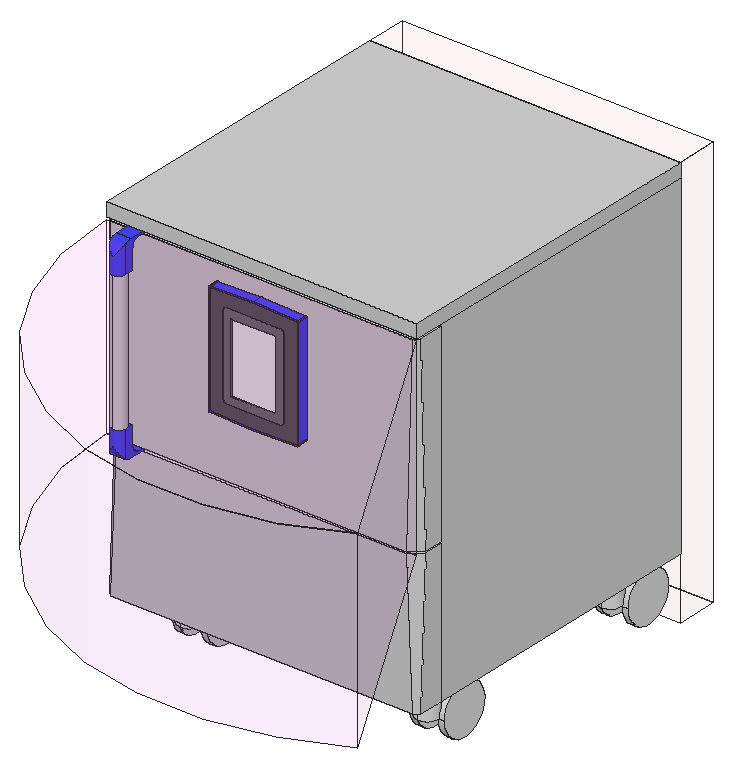
Revit family "Normann_Nortech_NAT5A-R290", category Attrezzature speciali, Revit 2021 (continued)
Definition of nested family "Griglia_Plus"
  Lines and regions (mm)
    model lines, detail levels medium+fine
      curve 1168: line (358.953, -254.362, 0) -> (372.866, -262.395, 0)
      curve 1169: line (358.953, -254.362, 0) -> (358.953, -270.428, 0)
      curve 1170: line (358.953, -270.428, 0) -> (372.866, -262.395, 0)
      curve 1171: line (360.936, -133.703, 0) -> (374.849, -125.67, 0)
      curve 1172: line (360.936, -133.703, 0) -> (374.849, -141.736, 0)
      curve 1173: line (374.849, -141.736, 0) -> (374.849, -125.67, 0)
      curve 1174: line (392.781, -133.703, 0) -> (378.867, -125.67, 0)
      curve 1175: line (392.781, -133.703, 0) -> (378.867, -141.736, 0)
      curve 1176: line (378.867, -141.736, 0) -> (378.867, -125.67, 0)
      curve 1177: line (360.936, -110.699, 0) -> (374.849, -118.731, 0)
      curve 1178: line (360.936, -110.699, 0) -> (374.849, -102.666, 0)
      curve 1179: line (374.849, -102.666, 0) -> (374.849, -118.731, 0)
      curve 1180: line (392.781, -110.699, 0) -> (378.867, -118.731, 0)
      curve 1181: line (392.781, -110.699, 0) -> (378.867, -102.666, 0)
      curve 1182: line (378.867, -102.666, 0) -> (378.867, -118.731, 0)
      curve 1183: line (394.797, -130.438, 0) -> (380.884, -122.405, 0)
      curve 1184: line (394.797, -130.438, 0) -> (394.797, -114.373, 0)
      curve 1185: line (394.797, -114.373, 0) -> (380.884, -122.405, 0)
      curve 1186: line (358.953, -114.362, 0) -> (372.866, -122.395, 0)
      curve 1187: line (358.953, -114.362, 0) -> (358.953, -130.428, 0)
      curve 1188: line (358.953, -130.428, 0) -> (372.866, -122.395, 0)
      curve 1189: line (394.797, -136.968, 0) -> (380.884, -145, 0)
      curve 1190: line (394.797, -136.968, 0) -> (394.797, -153.033, 0)
      curve 1191: line (394.797, -153.033, 0) -> (380.884, -145, 0)
      curve 1192: line (358.953, -153.043, 0) -> (372.866, -145.011, 0)
      curve 1193: line (358.953, -153.043, 0) -> (358.953, -136.978, 0)
      curve 1194: line (358.953, -136.978, 0) -> (372.866, -145.011, 0)
      curve 1195: line (360.936, -89.941, 0) -> (374.849, -81.909, 0)
      curve 1196: line (360.936, -89.941, 0) -> (374.849, -97.974, 0)
      curve 1197: line (374.849, -97.974, 0) -> (374.849, -81.909, 0)
      curve 1198: line (392.781, -89.941, 0) -> (378.867, -81.909, 0)
      curve 1199: line (392.781, -89.941, 0) -> (378.867, -97.974, 0)
      curve 1200: line (378.867, -97.974, 0) -> (378.867, -81.909, 0)
      curve 1201: line (360.936, -66.937, 0) -> (374.849, -74.97, 0)
      curve 1202: line (360.936, -66.937, 0) -> (374.849, -58.904, 0)
      curve 1203: line (374.849, -58.904, 0) -> (374.849, -74.97, 0)
      curve 1204: line (392.781, -66.937, 0) -> (378.867, -74.97, 0)
      curve 1205: line (392.781, -66.937, 0) -> (378.867, -58.904, 0)
      curve 1206: line (378.867, -58.904, 0) -> (378.867, -74.97, 0)
      curve 1207: line (394.797, -86.677, 0) -> (380.884, -78.644, 0)
      curve 1208: line (394.797, -86.677, 0) -> (394.797, -70.611, 0)
      curve 1209: line (394.797, -70.611, 0) -> (380.884, -78.644, 0)
      curve 1210: line (358.953, -70.601, 0) -> (372.866, -78.633, 0)
      curve 1211: line (358.953, -70.601, 0) -> (358.953, -86.666, 0)
      curve 1212: line (358.953, -86.666, 0) -> (372.866, -78.633, 0)
      curve 1213: line (394.797, -93.206, 0) -> (380.884, -101.239, 0)
      curve 1214: line (394.797, -93.206, 0) -> (394.797, -109.272, 0)
      curve 1215: line (394.797, -109.272, 0) -> (380.884, -101.239, 0)
      curve 1216: line (358.953, -109.282, 0) -> (372.866, -101.249, 0)
      curve 1217: line (358.953, -109.282, 0) -> (358.953, -93.217, 0)
      curve 1218: line (358.953, -93.217, 0) -> (372.866, -101.249, 0)
      curve 1219: line (360.936, -43.691, 0) -> (374.849, -35.659, 0)
      curve 1220: line (360.936, -43.691, 0) -> (374.849, -51.724, 0)
      curve 1221: line (374.849, -51.724, 0) -> (374.849, -35.659, 0)
      curve 1222: line (392.781, -43.691, 0) -> (378.867, -35.659, 0)
      curve 1223: line (392.781, -43.691, 0) -> (378.867, -51.724, 0)
      curve 1224: line (378.867, -51.724, 0) -> (378.867, -35.659, 0)
      curve 1225: line (360.936, -20.687, 0) -> (374.849, -28.72, 0)
      curve 1226: line (360.936, -20.687, 0) -> (374.849, -12.654, 0)
      curve 1227: line (374.849, -12.654, 0) -> (374.849, -28.72, 0)
      curve 1228: line (392.781, -20.687, 0) -> (378.867, -28.72, 0)
      curve 1229: line (392.781, -20.687, 0) -> (378.867, -12.654, 0)
      curve 1230: line (378.867, -12.654, 0) -> (378.867, -28.72, 0)
      curve 1231: line (394.797, -40.427, 0) -> (380.884, -32.394, 0)
      curve 1232: line (394.797, -40.427, 0) -> (394.797, -24.361, 0)
      curve 1233: line (394.797, -24.361, 0) -> (380.884, -32.394, 0)
      curve 1234: line (358.953, -24.351, 0) -> (372.866, -32.383, 0)
      curve 1235: line (358.953, -24.351, 0) -> (358.953, -40.416, 0)
      curve 1236: line (358.953, -40.416, 0) -> (372.866, -32.383, 0)
      curve 1237: line (394.797, -46.956, 0) -> (380.884, -54.989, 0)
      curve 1238: line (394.797, -46.956, 0) -> (394.797, -63.022, 0)
      curve 1239: line (394.797, -63.022, 0) -> (380.884, -54.989, 0)
      curve 1240: line (358.953, -63.032, 0) -> (372.866, -54.999, 0)
      curve 1241: line (358.953, -63.032, 0) -> (358.953, -46.967, 0)
      curve 1242: line (358.953, -46.967, 0) -> (372.866, -54.999, 0)
      curve 1243: line (400.936, -180.917, 0) -> (414.849, -172.885, 0)
      curve 1244: line (400.936, -180.917, 0) -> (414.849, -188.95, 0)
      curve 1245: line (414.849, -188.95, 0) -> (414.849, -172.885, 0)
      curve 1246: line (432.781, -180.917, 0) -> (418.867, -172.885, 0)
      curve 1247: line (432.781, -180.917, 0) -> (418.867, -188.95, 0)
      curve 1248: line (418.867, -188.95, 0) -> (418.867, -172.885, 0)
      curve 1249: line (400.936, -157.913, 0) -> (414.849, -165.946, 0)
      curve 1250: line (400.936, -157.913, 0) -> (414.849, -149.88, 0)
      curve 1251: line (414.849, -149.88, 0) -> (414.849, -165.946, 0)
      curve 1252: line (432.781, -157.913, 0) -> (418.867, -165.946, 0)
      curve 1253: line (432.781, -157.913, 0) -> (418.867, -149.88, 0)
      curve 1254: line (418.867, -149.88, 0) -> (418.867, -165.946, 0)
      curve 1255: line (434.797, -177.653, 0) -> (420.884, -169.62, 0)
      curve 1256: line (434.797, -177.653, 0) -> (434.797, -161.587, 0)
      curve 1257: line (434.797, -161.587, 0) -> (420.884, -169.62, 0)
      curve 1258: line (398.953, -161.577, 0) -> (412.866, -169.609, 0)
      curve 1259: line (398.953, -161.577, 0) -> (398.953, -177.642, 0)
      curve 1260: line (398.953, -177.642, 0) -> (412.866, -169.609, 0)
      curve 1261: line (434.797, -184.182, 0) -> (420.884, -192.215, 0)
      curve 1262: line (434.797, -184.182, 0) -> (434.797, -200.248, 0)
      curve 1263: line (434.797, -200.248, 0) -> (420.884, -192.215, 0)
      curve 1264: line (398.953, -200.258, 0) -> (412.866, -192.225, 0)
      curve 1265: line (398.953, -200.258, 0) -> (398.953, -184.192, 0)
      curve 1266: line (398.953, -184.192, 0) -> (412.866, -192.225, 0)
      curve 1267: line (400.936, -227.884, 0) -> (414.849, -219.851, 0)
      curve 1268: line (400.936, -227.884, 0) -> (414.849, -235.917, 0)
      curve 1269: line (414.849, -235.917, 0) -> (414.849, -219.851, 0)
      curve 1270: line (432.781, -227.884, 0) -> (418.867, -219.851, 0)
      curve 1271: line (432.781, -227.884, 0) -> (418.867, -235.917, 0)
      curve 1272: line (418.867, -235.917, 0) -> (418.867, -219.851, 0)
      curve 1273: line (400.936, -204.88, 0) -> (414.849, -212.912, 0)
      curve 1274: line (400.936, -204.88, 0) -> (414.849, -196.847, 0)
      curve 1275: line (414.849, -196.847, 0) -> (414.849, -212.912, 0)
      curve 1276: line (432.781, -204.88, 0) -> (418.867, -212.912, 0)
      curve 1277: line (432.781, -204.88, 0) -> (418.867, -196.847, 0)
      curve 1278: line (418.867, -196.847, 0) -> (418.867, -212.912, 0)
      curve 1279: line (434.797, -224.619, 0) -> (420.884, -216.587, 0)
      curve 1280: line (434.797, -224.619, 0) -> (434.797, -208.554, 0)
      curve 1281: line (434.797, -208.554, 0) -> (420.884, -216.587, 0)
      curve 1282: line (398.953, -208.543, 0) -> (412.866, -216.576, 0)
      curve 1283: line (398.953, -208.543, 0) -> (398.953, -224.609, 0)
      curve 1284: line (398.953, -224.609, 0) -> (412.866, -216.576, 0)
      curve 1285: line (434.797, -231.149, 0) -> (420.884, -239.181, 0)
      curve 1286: line (434.797, -231.149, 0) -> (434.797, -247.214, 0)
      curve 1287: line (434.797, -247.214, 0) -> (420.884, -239.181, 0)
      curve 1288: line (398.953, -247.225, 0) -> (412.866, -239.192, 0)
      curve 1289: line (398.953, -247.225, 0) -> (398.953, -231.159, 0)
      curve 1290: line (398.953, -231.159, 0) -> (412.866, -239.192, 0)
      curve 1291: line (400.936, -273.703, 0) -> (414.849, -265.67, 0)
      curve 1292: line (400.936, -273.703, 0) -> (414.849, -281.736, 0)
      curve 1293: line (414.849, -281.736, 0) -> (414.849, -265.67, 0)
      curve 1294: line (432.781, -273.703, 0) -> (418.867, -265.67, 0)
      curve 1295: line (432.781, -273.703, 0) -> (418.867, -281.736, 0)
      curve 1296: line (418.867, -281.736, 0) -> (418.867, -265.67, 0)
      curve 1297: line (400.936, -250.699, 0) -> (414.849, -258.731, 0)
      curve 1298: line (400.936, -250.699, 0) -> (414.849, -242.666, 0)
      curve 1299: line (414.849, -242.666, 0) -> (414.849, -258.731, 0)
      curve 1300: line (432.781, -250.699, 0) -> (418.867, -258.731, 0)
      curve 1301: line (432.781, -250.699, 0) -> (418.867, -242.666, 0)
      curve 1302: line (418.867, -242.666, 0) -> (418.867, -258.731, 0)
      curve 1303: line (434.797, -270.438, 0) -> (420.884, -262.405, 0)
      curve 1304: line (434.797, -270.438, 0) -> (434.797, -254.373, 0)
      curve 1305: line (434.797, -254.373, 0) -> (420.884, -262.405, 0)
      curve 1306: line (398.953, -254.362, 0) -> (412.866, -262.395, 0)
      curve 1307: line (398.953, -254.362, 0) -> (398.953, -270.428, 0)
      curve 1308: line (398.953, -270.428, 0) -> (412.866, -262.395, 0)
      curve 1309: line (400.936, -133.703, 0) -> (414.849, -125.67, 0)
      curve 1310: line (400.936, -133.703, 0) -> (414.849, -141.736, 0)
      curve 1311: line (414.849, -141.736, 0) -> (414.849, -125.67, 0)
      curve 1312: line (432.781, -133.703, 0) -> (418.867, -125.67, 0)
      curve 1313: line (432.781, -133.703, 0) -> (418.867, -141.736, 0)
      curve 1314: line (418.867, -141.736, 0) -> (418.867, -125.67, 0)
      curve 1315: line (400.936, -110.699, 0) -> (414.849, -118.731, 0)
      curve 1316: line (400.936, -110.699, 0) -> (414.849, -102.666, 0)
      curve 1317: line (414.849, -102.666, 0) -> (414.849, -118.731, 0)
      curve 1318: line (432.781, -110.699, 0) -> (418.867, -118.731, 0)
      curve 1319: line (432.781, -110.699, 0) -> (418.867, -102.666, 0)
      curve 1320: line (418.867, -102.666, 0) -> (418.867, -118.731, 0)
      curve 1321: line (434.797, -130.438, 0) -> (420.884, -122.405, 0)
      curve 1322: line (434.797, -130.438, 0) -> (434.797, -114.373, 0)
      curve 1323: line (434.797, -114.373, 0) -> (420.884, -122.405, 0)
      curve 1324: line (398.953, -114.362, 0) -> (412.866, -122.395, 0)
      curve 1325: line (398.953, -114.362, 0) -> (398.953, -130.428, 0)
      curve 1326: line (398.953, -130.428, 0) -> (412.866, -122.395, 0)
      curve 1327: line (434.797, -136.968, 0) -> (420.884, -145, 0)
      curve 1328: line (434.797, -136.968, 0) -> (434.797, -153.033, 0)
      curve 1329: line (434.797, -153.033, 0) -> (420.884, -145, 0)
      curve 1330: line (398.953, -153.043, 0) -> (412.866, -145.011, 0)
      curve 1331: line (398.953, -153.043, 0) -> (398.953, -136.978, 0)
      curve 1332: line (398.953, -136.978, 0) -> (412.866, -145.011, 0)
      curve 1333: line (400.936, -89.941, 0) -> (414.849, -81.909, 0)
      curve 1334: line (400.936, -89.941, 0) -> (414.849, -97.974, 0)
      curve 1335: line (414.849, -97.974, 0) -> (414.849, -81.909, 0)
      curve 1336: line (432.781, -89.941, 0) -> (418.867, -81.909, 0)
      curve 1337: line (432.781, -89.941, 0) -> (418.867, -97.974, 0)
      curve 1338: line (418.867, -97.974, 0) -> (418.867, -81.909, 0)
      curve 1339: line (400.936, -66.937, 0) -> (414.849, -74.97, 0)
      curve 1340: line (400.936, -66.937, 0) -> (414.849, -58.904, 0)
      curve 1341: line (414.849, -58.904, 0) -> (414.849, -74.97, 0)
      curve 1342: line (432.781, -66.937, 0) -> (418.867, -74.97, 0)
      curve 1343: line (432.781, -66.937, 0) -> (418.867, -58.904, 0)
      curve 1344: line (418.867, -58.904, 0) -> (418.867, -74.97, 0)
      curve 1345: line (434.797, -86.677, 0) -> (420.884, -78.644, 0)
      curve 1346: line (434.797, -86.677, 0) -> (434.797, -70.611, 0)
      curve 1347: line (434.797, -70.611, 0) -> (420.884, -78.644, 0)
      curve 1348: line (398.953, -70.601, 0) -> (412.866, -78.633, 0)
      curve 1349: line (398.953, -70.601, 0) -> (398.953, -86.666, 0)
      curve 1350: line (398.953, -86.666, 0) -> (412.866, -78.633, 0)
      curve 1351: line (434.797, -93.206, 0) -> (420.884, -101.239, 0)
      curve 1352: line (434.797, -93.206, 0) -> (434.797, -109.272, 0)
      curve 1353: line (434.797, -109.272, 0) -> (420.884, -101.239, 0)
      curve 1354: line (398.953, -109.282, 0) -> (412.866, -101.249, 0)
      curve 1355: line (398.953, -109.282, 0) -> (398.953, -93.217, 0)
      curve 1356: line (398.953, -93.217, 0) -> (412.866, -101.249, 0)
      curve 1357: line (400.936, -43.691, 0) -> (414.849, -35.659, 0)
      curve 1358: line (400.936, -43.691, 0) -> (414.849, -51.724, 0)
      curve 1359: line (414.849, -51.724, 0) -> (414.849, -35.659, 0)
      curve 1360: line (432.781, -43.691, 0) -> (418.867, -35.659, 0)
      curve 1361: line (432.781, -43.691, 0) -> (418.867, -51.724, 0)
      curve 1362: line (418.867, -51.724, 0) -> (418.867, -35.659, 0)
      curve 1363: line (400.936, -20.687, 0) -> (414.849, -28.72, 0)
      curve 1364: line (400.936, -20.687, 0) -> (414.849, -12.654, 0)
      curve 1365: line (414.849, -12.654, 0) -> (414.849, -28.72, 0)
      curve 1366: line (432.781, -20.687, 0) -> (418.867, -28.72, 0)
      curve 1367: line (432.781, -20.687, 0) -> (418.867, -12.654, 0)
      curve 1368: line (418.867, -12.654, 0) -> (418.867, -28.72, 0)
      curve 1369: line (434.797, -40.427, 0) -> (420.884, -32.394, 0)
      curve 1370: line (434.797, -40.427, 0) -> (434.797, -24.361, 0)
      curve 1371: line (434.797, -24.361, 0) -> (420.884, -32.394, 0)
      curve 1372: line (398.953, -24.351, 0) -> (412.866, -32.383, 0)
      curve 1373: line (398.953, -24.351, 0) -> (398.953, -40.416, 0)
      curve 1374: line (398.953, -40.416, 0) -> (412.866, -32.383, 0)
      curve 1375: line (434.797, -46.956, 0) -> (420.884, -54.989, 0)
      curve 1376: line (434.797, -46.956, 0) -> (434.797, -63.022, 0)
      curve 1377: line (434.797, -63.022, 0) -> (420.884, -54.989, 0)
      curve 1378: line (398.953, -63.032, 0) -> (412.866, -54.999, 0)
      curve 1379: line (398.953, -63.032, 0) -> (398.953, -46.967, 0)
      curve 1380: line (398.953, -46.967, 0) -> (412.866, -54.999, 0)
      curve 1381: line (440.936, -180.917, 0) -> (454.849, -172.885, 0)
      curve 1382: line (440.936, -180.917, 0) -> (454.849, -188.95, 0)
      curve 1383: line (454.849, -188.95, 0) -> (454.849, -172.885, 0)
      curve 1384: line (472.781, -180.917, 0) -> (458.867, -172.885, 0)
      curve 1385: line (472.781, -180.917, 0) -> (458.867, -188.95, 0)
      curve 1386: line (458.867, -188.95, 0) -> (458.867, -172.885, 0)
      curve 1387: line (440.936, -157.913, 0) -> (454.849, -165.946, 0)
      curve 1388: line (440.936, -157.913, 0) -> (454.849, -149.88, 0)
      curve 1389: line (454.849, -149.88, 0) -> (454.849, -165.946, 0)
      curve 1390: line (472.781, -157.913, 0) -> (458.867, -165.946, 0)
      curve 1391: line (472.781, -157.913, 0) -> (458.867, -149.88, 0)
      curve 1392: line (458.867, -149.88, 0) -> (458.867, -165.946, 0)
      curve 1393: line (474.797, -177.653, 0) -> (460.884, -169.62, 0)
      curve 1394: line (474.797, -177.653, 0) -> (474.797, -161.587, 0)
      curve 1395: line (474.797, -161.587, 0) -> (460.884, -169.62, 0)
      curve 1396: line (438.953, -161.577, 0) -> (452.866, -169.609, 0)
      curve 1397: line (438.953, -161.577, 0) -> (438.953, -177.642, 0)
      curve 1398: line (438.953, -177.642, 0) -> (452.866, -169.609, 0)
      curve 1399: line (474.797, -184.182, 0) -> (460.884, -192.215, 0)
      curve 1400: line (474.797, -184.182, 0) -> (474.797, -200.248, 0)
      curve 1401: line (474.797, -200.248, 0) -> (460.884, -192.215, 0)
      curve 1402: line (438.953, -200.258, 0) -> (452.866, -192.225, 0)
      curve 1403: line (438.953, -200.258, 0) -> (438.953, -184.192, 0)
      curve 1404: line (438.953, -184.192, 0) -> (452.866, -192.225, 0)
      curve 1405: line (440.936, -227.884, 0) -> (454.849, -219.851, 0)
      curve 1406: line (440.936, -227.884, 0) -> (454.849, -235.917, 0)
      curve 1407: line (454.849, -235.917, 0) -> (454.849, -219.851, 0)
      curve 1408: line (472.781, -227.884, 0) -> (458.867, -219.851, 0)
      curve 1409: line (472.781, -227.884, 0) -> (458.867, -235.917, 0)
      curve 1410: line (458.867, -235.917, 0) -> (458.867, -219.851, 0)
      curve 1411: line (440.936, -204.88, 0) -> (454.849, -212.912, 0)
      curve 1412: line (440.936, -204.88, 0) -> (454.849, -196.847, 0)
      curve 1413: line (454.849, -196.847, 0) -> (454.849, -212.912, 0)
      curve 1414: line (472.781, -204.88, 0) -> (458.867, -212.912, 0)
      curve 1415: line (472.781, -204.88, 0) -> (458.867, -196.847, 0)
      curve 1416: line (458.867, -196.847, 0) -> (458.867, -212.912, 0)
      curve 1417: line (474.797, -224.619, 0) -> (460.884, -216.587, 0)
      curve 1418: line (474.797, -224.619, 0) -> (474.797, -208.554, 0)
      curve 1419: line (474.797, -208.554, 0) -> (460.884, -216.587, 0)
      curve 1420: line (438.953, -208.543, 0) -> (452.866, -216.576, 0)
      curve 1421: line (438.953, -208.543, 0) -> (438.953, -224.609, 0)
      curve 1422: line (438.953, -224.609, 0) -> (452.866, -216.576, 0)
      curve 1423: line (474.797, -231.149, 0) -> (460.884, -239.181, 0)
      curve 1424: line (474.797, -231.149, 0) -> (474.797, -247.214, 0)
      curve 1425: line (474.797, -247.214, 0) -> (460.884, -239.181, 0)
      curve 1426: line (438.953, -247.225, 0) -> (452.866, -239.192, 0)
      curve 1427: line (438.953, -247.225, 0) -> (438.953, -231.159, 0)
      curve 1428: line (438.953, -231.159, 0) -> (452.866, -239.192, 0)
      curve 1429: line (440.936, -273.703, 0) -> (454.849, -265.67, 0)
      curve 1430: line (440.936, -273.703, 0) -> (454.849, -281.736, 0)
      curve 1431: line (454.849, -281.736, 0) -> (454.849, -265.67, 0)
      curve 1432: line (472.781, -273.703, 0) -> (458.867, -265.67, 0)
      curve 1433: line (472.781, -273.703, 0) -> (458.867, -281.736, 0)
      curve 1434: line (458.867, -281.736, 0) -> (458.867, -265.67, 0)
      curve 1435: line (440.936, -250.699, 0) -> (454.849, -258.731, 0)
      curve 1436: line (440.936, -250.699, 0) -> (454.849, -242.666, 0)
      curve 1437: line (454.849, -242.666, 0) -> (454.849, -258.731, 0)
      curve 1438: line (472.781, -250.699, 0) -> (458.867, -258.731, 0)
      curve 1439: line (472.781, -250.699, 0) -> (458.867, -242.666, 0)
      curve 1440: line (458.867, -242.666, 0) -> (458.867, -258.731, 0)
      curve 1441: line (474.797, -270.438, 0) -> (460.884, -262.405, 0)
      curve 1442: line (474.797, -270.438, 0) -> (474.797, -254.373, 0)
      curve 1443: line (474.797, -254.373, 0) -> (460.884, -262.405, 0)
      curve 1444: line (438.953, -254.362, 0) -> (452.866, -262.395, 0)
      curve 1445: line (438.953, -254.362, 0) -> (438.953, -270.428, 0)
      curve 1446: line (438.953, -270.428, 0) -> (452.866, -262.395, 0)
      curve 1447: line (440.936, -133.703, 0) -> (454.849, -125.67, 0)
      curve 1448: line (440.936, -133.703, 0) -> (454.849, -141.736, 0)
      curve 1449: line (454.849, -141.736, 0) -> (454.849, -125.67, 0)
      curve 1450: line (472.781, -133.703, 0) -> (458.867, -125.67, 0)
      curve 1451: line (472.781, -133.703, 0) -> (458.867, -141.736, 0)
      curve 1452: line (458.867, -141.736, 0) -> (458.867, -125.67, 0)
      curve 1453: line (440.936, -110.699, 0) -> (454.849, -118.731, 0)
      curve 1454: line (440.936, -110.699, 0) -> (454.849, -102.666, 0)
      curve 1455: line (454.849, -102.666, 0) -> (454.849, -118.731, 0)
      curve 1456: line (472.781, -110.699, 0) -> (458.867, -118.731, 0)
      curve 1457: line (472.781, -110.699, 0) -> (458.867, -102.666, 0)
      curve 1458: line (458.867, -102.666, 0) -> (458.867, -118.731, 0)
      curve 1459: line (474.797, -130.438, 0) -> (460.884, -122.405, 0)
      curve 1460: line (474.797, -130.438, 0) -> (474.797, -114.373, 0)
      curve 1461: line (474.797, -114.373, 0) -> (460.884, -122.405, 0)
      curve 1462: line (438.953, -114.362, 0) -> (452.866, -122.395, 0)
      curve 1463: line (438.953, -114.362, 0) -> (438.953, -130.428, 0)
      curve 1464: line (438.953, -130.428, 0) -> (452.866, -122.395, 0)
      curve 1465: line (474.797, -136.968, 0) -> (460.884, -145, 0)
      curve 1466: line (474.797, -136.968, 0) -> (474.797, -153.033, 0)
      curve 1467: line (474.797, -153.033, 0) -> (460.884, -145, 0)
      curve 1468: line (438.953, -153.043, 0) -> (452.866, -145.011, 0)
      curve 1469: line (438.953, -153.043, 0) -> (438.953, -136.978, 0)
      curve 1470: line (438.953, -136.978, 0) -> (452.866, -145.011, 0)
      curve 1471: line (440.936, -89.941, 0) -> (454.849, -81.909, 0)
      curve 1472: line (440.936, -89.941, 0) -> (454.849, -97.974, 0)
      curve 1473: line (454.849, -97.974, 0) -> (454.849, -81.909, 0)
      curve 1474: line (472.781, -89.941, 0) -> (458.867, -81.909, 0)
      curve 1475: line (472.781, -89.941, 0) -> (458.867, -97.974, 0)
      curve 1476: line (458.867, -97.974, 0) -> (458.867, -81.909, 0)
      curve 1477: line (440.936, -66.937, 0) -> (454.849, -74.97, 0)
      curve 1478: line (440.936, -66.937, 0) -> (454.849, -58.904, 0)
      curve 1479: line (454.849, -58.904, 0) -> (454.849, -74.97, 0)
      curve 1480: line (472.781, -66.937, 0) -> (458.867, -74.97, 0)
      curve 1481: line (472.781, -66.937, 0) -> (458.867, -58.904, 0)
      curve 1482: line (458.867, -58.904, 0) -> (458.867, -74.97, 0)
      curve 1483: line (474.797, -86.677, 0) -> (460.884, -78.644, 0)
      curve 1484: line (474.797, -86.677, 0) -> (474.797, -70.611, 0)
      curve 1485: line (474.797, -70.611, 0) -> (460.884, -78.644, 0)
      curve 1486: line (438.953, -70.601, 0) -> (452.866, -78.633, 0)
      curve 1487: line (438.953, -70.601, 0) -> (438.953, -86.666, 0)
      curve 1488: line (438.953, -86.666, 0) -> (452.866, -78.633, 0)
      curve 1489: line (474.797, -93.206, 0) -> (460.884, -101.239, 0)
      curve 1490: line (474.797, -93.206, 0) -> (474.797, -109.272, 0)
      curve 1491: line (474.797, -109.272, 0) -> (460.884, -101.239, 0)
      curve 1492: line (438.953, -109.282, 0) -> (452.866, -101.249, 0)
      curve 1493: line (438.953, -109.282, 0) -> (438.953, -93.217, 0)
      curve 1494: line (438.953, -93.217, 0) -> (452.866, -101.249, 0)
      curve 1495: line (440.936, -43.691, 0) -> (454.849, -35.659, 0)
      curve 1496: line (440.936, -43.691, 0) -> (454.849, -51.724, 0)
      curve 1497: line (454.849, -51.724, 0) -> (454.849, -35.659, 0)
      curve 1498: line (472.781, -43.691, 0) -> (458.867, -35.659, 0)
      curve 1499: line (472.781, -43.691, 0) -> (458.867, -51.724, 0)
      curve 1500: line (458.867, -51.724, 0) -> (458.867, -35.659, 0)
      curve 1501: line (440.936, -20.687, 0) -> (454.849, -28.72, 0)
      curve 1502: line (440.936, -20.687, 0) -> (454.849, -12.654, 0)
      curve 1503: line (454.849, -12.654, 0) -> (454.849, -28.72, 0)
      curve 1504: line (472.781, -20.687, 0) -> (458.867, -28.72, 0)
      curve 1505: line (472.781, -20.687, 0) -> (458.867, -12.654, 0)
      curve 1506: line (458.867, -12.654, 0) -> (458.867, -28.72, 0)
      curve 1507: line (474.797, -40.427, 0) -> (460.884, -32.394, 0)
      curve 1508: line (474.797, -40.427, 0) -> (474.797, -24.361, 0)
      curve 1509: line (474.797, -24.361, 0) -> (460.884, -32.394, 0)
      curve 1510: line (438.953, -24.351, 0) -> (452.866, -32.383, 0)
      curve 1511: line (438.953, -24.351, 0) -> (438.953, -40.416, 0)
      curve 1512: line (438.953, -40.416, 0) -> (452.866, -32.383, 0)
      curve 1513: line (474.797, -46.956, 0) -> (460.884, -54.989, 0)
      curve 1514: line (474.797, -46.956, 0) -> (474.797, -63.022, 0)
      curve 1515: line (474.797, -63.022, 0) -> (460.884, -54.989, 0)
      curve 1516: line (438.953, -63.032, 0) -> (452.866, -54.999, 0)
      curve 1517: line (438.953, -63.032, 0) -> (438.953, -46.967, 0)
      curve 1518: line (438.953, -46.967, 0) -> (452.866, -54.999, 0)
      curve 1519: line (480.936, -180.917, 0) -> (494.849, -172.885, 0)
      curve 1520: line (480.936, -180.917, 0) -> (494.849, -188.95, 0)
      curve 1521: line (494.849, -188.95, 0) -> (494.849, -172.885, 0)
      curve 1522: line (512.781, -180.917, 0) -> (498.867, -172.885, 0)
      curve 1523: line (512.781, -180.917, 0) -> (498.867, -188.95, 0)
      curve 1524: line (498.867, -188.95, 0) -> (498.867, -172.885, 0)
      curve 1525: line (480.936, -157.913, 0) -> (494.849, -165.946, 0)
      curve 1526: line (480.936, -157.913, 0) -> (494.849, -149.88, 0)
      curve 1527: line (494.849, -149.88, 0) -> (494.849, -165.946, 0)
      curve 1528: line (512.781, -157.913, 0) -> (498.867, -165.946, 0)
      curve 1529: line (512.781, -157.913, 0) -> (498.867, -149.88, 0)
      curve 1530: line (498.867, -149.88, 0) -> (498.867, -165.946, 0)
      curve 1531: line (514.797, -177.653, 0) -> (500.884, -169.62, 0)
      curve 1532: line (514.797, -177.653, 0) -> (514.797, -161.587, 0)
      curve 1533: line (514.797, -161.587, 0) -> (500.884, -169.62, 0)
      curve 1534: line (478.953, -161.577, 0) -> (492.866, -169.609, 0)
      curve 1535: line (478.953, -161.577, 0) -> (478.953, -177.642, 0)
      curve 1536: line (478.953, -177.642, 0) -> (492.866, -169.609, 0)
      curve 1537: line (514.797, -184.182, 0) -> (500.884, -192.215, 0)
      curve 1538: line (514.797, -184.182, 0) -> (514.797, -200.248, 0)
      curve 1539: line (514.797, -200.248, 0) -> (500.884, -192.215, 0)
      curve 1540: line (478.953, -200.258, 0) -> (492.866, -192.225, 0)
      curve 1541: line (478.953, -200.258, 0) -> (478.953, -184.192, 0)
      curve 1542: line (478.953, -184.192, 0) -> (492.866, -192.225, 0)
      curve 1543: line (480.936, -227.884, 0) -> (494.849, -219.851, 0)
      curve 1544: line (480.936, -227.884, 0) -> (494.849, -235.917, 0)
      curve 1545: line (494.849, -235.917, 0) -> (494.849, -219.851, 0)
      curve 1546: line (512.781, -227.884, 0) -> (498.867, -219.851, 0)
      curve 1547: line (512.781, -227.884, 0) -> (498.867, -235.917, 0)
      curve 1548: line (498.867, -235.917, 0) -> (498.867, -219.851, 0)
      curve 1549: line (480.936, -204.88, 0) -> (494.849, -212.912, 0)
      curve 1550: line (480.936, -204.88, 0) -> (494.849, -196.847, 0)
      curve 1551: line (494.849, -196.847, 0) -> (494.849, -212.912, 0)
      curve 1552: line (512.781, -204.88, 0) -> (498.867, -212.912, 0)
      curve 1553: line (512.781, -204.88, 0) -> (498.867, -196.847, 0)
      curve 1554: line (498.867, -196.847, 0) -> (498.867, -212.912, 0)
      curve 1555: line (514.797, -224.619, 0) -> (500.884, -216.587, 0)
      curve 1556: line (514.797, -224.619, 0) -> (514.797, -208.554, 0)
      curve 1557: line (514.797, -208.554, 0) -> (500.884, -216.587, 0)
      curve 1558: line (478.953, -208.543, 0) -> (492.866, -216.576, 0)
      curve 1559: line (478.953, -208.543, 0) -> (478.953, -224.609, 0)
      curve 1560: line (478.953, -224.609, 0) -> (492.866, -216.576, 0)
      curve 1561: line (514.797, -231.149, 0) -> (500.884, -239.181, 0)
      curve 1562: line (514.797, -231.149, 0) -> (514.797, -247.214, 0)
      curve 1563: line (514.797, -247.214, 0) -> (500.884, -239.181, 0)
      curve 1564: line (478.953, -247.225, 0) -> (492.866, -239.192, 0)
      curve 1565: line (478.953, -247.225, 0) -> (478.953, -231.159, 0)
      curve 1566: line (478.953, -231.159, 0) -> (492.866, -239.192, 0)
      curve 1567: line (480.936, -273.703, 0) -> (494.849, -265.67, 0)
      curve 1568: line (480.936, -273.703, 0) -> (494.849, -281.736, 0)
      curve 1569: line (494.849, -281.736, 0) -> (494.849, -265.67, 0)
      curve 1570: line (512.781, -273.703, 0) -> (498.867, -265.67, 0)
      curve 1571: line (512.781, -273.703, 0) -> (498.867, -281.736, 0)
      curve 1572: line (498.867, -281.736, 0) -> (498.867, -265.67, 0)
      curve 1573: line (480.936, -250.699, 0) -> (494.849, -258.731, 0)
      curve 1574: line (480.936, -250.699, 0) -> (494.849, -242.666, 0)
      curve 1575: line (494.849, -242.666, 0) -> (494.849, -258.731, 0)
      curve 1576: line (512.781, -250.699, 0) -> (498.867, -258.731, 0)
      curve 1577: line (512.781, -250.699, 0) -> (498.867, -242.666, 0)
      curve 1578: line (498.867, -242.666, 0) -> (498.867, -258.731, 0)
      curve 1579: line (514.797, -270.438, 0) -> (500.884, -262.405, 0)
      curve 1580: line (514.797, -270.438, 0) -> (514.797, -254.373, 0)
      curve 1581: line (514.797, -254.373, 0) -> (500.884, -262.405, 0)
      curve 1582: line (478.953, -254.362, 0) -> (492.866, -262.395, 0)
      curve 1583: line (478.953, -254.362, 0) -> (478.953, -270.428, 0)
      curve 1584: line (478.953, -270.428, 0) -> (492.866, -262.395, 0)
      curve 1585: line (480.936, -133.703, 0) -> (494.849, -125.67, 0)
      curve 1586: line (480.936, -133.703, 0) -> (494.849, -141.736, 0)
      curve 1587: line (494.849, -141.736, 0) -> (494.849, -125.67, 0)
      curve 1588: line (512.781, -133.703, 0) -> (498.867, -125.67, 0)
      curve 1589: line (512.781, -133.703, 0) -> (498.867, -141.736, 0)
      curve 1590: line (498.867, -141.736, 0) -> (498.867, -125.67, 0)
      curve 1591: line (480.936, -110.699, 0) -> (494.849, -118.731, 0)
      curve 1592: line (480.936, -110.699, 0) -> (494.849, -102.666, 0)
      curve 1593: line (494.849, -102.666, 0) -> (494.849, -118.731, 0)
      curve 1594: line (512.781, -110.699, 0) -> (498.867, -118.731, 0)
      curve 1595: line (512.781, -110.699, 0) -> (498.867, -102.666, 0)
      curve 1596: line (498.867, -102.666, 0) -> (498.867, -118.731, 0)
      curve 1597: line (514.797, -130.438, 0) -> (500.884, -122.405, 0)
      curve 1598: line (514.797, -130.438, 0) -> (514.797, -114.373, 0)
      curve 1599: line (514.797, -114.373, 0) -> (500.884, -122.405, 0)
      curve 1600: line (478.953, -114.362, 0) -> (492.866, -122.395, 0)
      curve 1601: line (478.953, -114.362, 0) -> (478.953, -130.428, 0)
      curve 1602: line (478.953, -130.428, 0) -> (492.866, -122.395, 0)
      curve 1603: line (514.797, -136.968, 0) -> (500.884, -145, 0)
      curve 1604: line (514.797, -136.968, 0) -> (514.797, -153.033, 0)
      curve 1605: line (514.797, -153.033, 0) -> (500.884, -145, 0)
      curve 1606: line (478.953, -153.043, 0) -> (492.866, -145.011, 0)
      curve 1607: line (478.953, -153.043, 0) -> (478.953, -136.978, 0)
      curve 1608: line (478.953, -136.978, 0) -> (492.866, -145.011, 0)
      curve 1609: line (480.936, -89.941, 0) -> (494.849, -81.909, 0)
      curve 1610: line (480.936, -89.941, 0) -> (494.849, -97.974, 0)
      curve 1611: line (494.849, -97.974, 0) -> (494.849, -81.909, 0)
      curve 1612: line (512.781, -89.941, 0) -> (498.867, -81.909, 0)
      curve 1613: line (512.781, -89.941, 0) -> (498.867, -97.974, 0)
      curve 1614: line (498.867, -97.974, 0) -> (498.867, -81.909, 0)
      curve 1615: line (480.936, -66.937, 0) -> (494.849, -74.97, 0)
      curve 1616: line (480.936, -66.937, 0) -> (494.849, -58.904, 0)
      curve 1617: line (494.849, -58.904, 0) -> (494.849, -74.97, 0)
      curve 1618: line (512.781, -66.937, 0) -> (498.867, -74.97, 0)
      curve 1619: line (512.781, -66.937, 0) -> (498.867, -58.904, 0)
      curve 1620: line (498.867, -58.904, 0) -> (498.867, -74.97, 0)
      curve 1621: line (514.797, -86.677, 0) -> (500.884, -78.644, 0)
      curve 1622: line (514.797, -86.677, 0) -> (514.797, -70.611, 0)
      curve 1623: line (514.797, -70.611, 0) -> (500.884, -78.644, 0)
      curve 1624: line (478.953, -70.601, 0) -> (492.866, -78.633, 0)
      curve 1625: line (478.953, -70.601, 0) -> (478.953, -86.666, 0)
      curve 1626: line (478.953, -86.666, 0) -> (492.866, -78.633, 0)
      curve 1627: line (514.797, -93.206, 0) -> (500.884, -101.239, 0)
      curve 1628: line (514.797, -93.206, 0) -> (514.797, -109.272, 0)
      curve 1629: line (514.797, -109.272, 0) -> (500.884, -101.239, 0)
      curve 1630: line (478.953, -109.282, 0) -> (492.866, -101.249, 0)
      curve 1631: line (478.953, -109.282, 0) -> (478.953, -93.217, 0)
      curve 1632: line (478.953, -93.217, 0) -> (492.866, -101.249, 0)
      curve 1633: line (480.936, -43.691, 0) -> (494.849, -35.659, 0)
      curve 1634: line (480.936, -43.691, 0) -> (494.849, -51.724, 0)
      curve 1635: line (494.849, -51.724, 0) -> (494.849, -35.659, 0)
      curve 1636: line (512.781, -43.691, 0) -> (498.867, -35.659, 0)
      curve 1637: line (512.781, -43.691, 0) -> (498.867, -51.724, 0)
      curve 1638: line (498.867, -51.724, 0) -> (498.867, -35.659, 0)
      curve 1639: line (480.936, -20.687, 0) -> (494.849, -28.72, 0)
      curve 1640: line (480.936, -20.687, 0) -> (494.849, -12.654, 0)
      curve 1641: line (494.849, -12.654, 0) -> (494.849, -28.72, 0)
      curve 1642: line (512.781, -20.687, 0) -> (498.867, -28.72, 0)
      curve 1643: line (512.781, -20.687, 0) -> (498.867, -12.654, 0)
      curve 1644: line (498.867, -12.654, 0) -> (498.867, -28.72, 0)
      curve 1645: line (514.797, -40.427, 0) -> (500.884, -32.394, 0)
      curve 1646: line (514.797, -40.427, 0) -> (514.797, -24.361, 0)
      curve 1647: line (514.797, -24.361, 0) -> (500.884, -32.394, 0)
      curve 1648: line (478.953, -24.351, 0) -> (492.866, -32.383, 0)
      curve 1649: line (478.953, -24.351, 0) -> (478.953, -40.416, 0)
      curve 1650: line (478.953, -40.416, 0) -> (492.866, -32.383, 0)
      curve 1651: line (514.797, -46.956, 0) -> (500.884, -54.989, 0)
      curve 1652: line (514.797, -46.956, 0) -> (514.797, -63.022, 0)
      curve 1653: line (514.797, -63.022, 0) -> (500.884, -54.989, 0)
      curve 1654: line (478.953, -63.032, 0) -> (492.866, -54.999, 0)
      curve 1655: line (478.953, -63.032, 0) -> (478.953, -46.967, 0)
      curve 1656: line (478.953, -46.967, 0) -> (492.866, -54.999, 0)
      curve 1657: line (520.936, -180.917, 0) -> (534.849, -172.885, 0)
      curve 1658: line (520.936, -180.917, 0) -> (534.849, -188.95, 0)
      curve 1659: line (534.849, -188.95, 0) -> (534.849, -172.885, 0)
      curve 1660: line (552.781, -180.917, 0) -> (538.867, -172.885, 0)
      curve 1661: line (552.781, -180.917, 0) -> (538.867, -188.95, 0)
      curve 1662: line (538.867, -188.95, 0) -> (538.867, -172.885, 0)
      curve 1663: line (520.936, -157.913, 0) -> (534.849, -165.946, 0)
      curve 1664: line (520.936, -157.913, 0) -> (534.849, -149.88, 0)
      curve 1665: line (534.849, -149.88, 0) -> (534.849, -165.946, 0)
      curve 1666: line (552.781, -157.913, 0) -> (538.867, -165.946, 0)
      curve 1667: line (552.781, -157.913, 0) -> (538.867, -149.88, 0)
      curve 1668: line (538.867, -149.88, 0) -> (538.867, -165.946, 0)
      curve 1669: line (554.797, -177.653, 0) -> (540.884, -169.62, 0)
      curve 1670: line (554.797, -177.653, 0) -> (554.797, -161.587, 0)
      curve 1671: line (554.797, -161.587, 0) -> (540.884, -169.62, 0)
      curve 1672: line (518.953, -161.577, 0) -> (532.866, -169.609, 0)
      curve 1673: line (518.953, -161.577, 0) -> (518.953, -177.642, 0)
      curve 1674: line (518.953, -177.642, 0) -> (532.866, -169.609, 0)
      curve 1675: line (554.797, -184.182, 0) -> (540.884, -192.215, 0)
      curve 1676: line (554.797, -184.182, 0) -> (554.797, -200.248, 0)
      curve 1677: line (554.797, -200.248, 0) -> (540.884, -192.215, 0)
      curve 1678: line (518.953, -200.258, 0) -> (532.866, -192.225, 0)
      curve 1679: line (518.953, -200.258, 0) -> (518.953, -184.192, 0)
      curve 1680: line (518.953, -184.192, 0) -> (532.866, -192.225, 0)
      curve 1681: line (520.936, -227.884, 0) -> (534.849, -219.851, 0)
      curve 1682: line (520.936, -227.884, 0) -> (534.849, -235.917, 0)
      curve 1683: line (534.849, -235.917, 0) -> (534.849, -219.851, 0)
      curve 1684: line (552.781, -227.884, 0) -> (538.867, -219.851, 0)
      curve 1685: line (552.781, -227.884, 0) -> (538.867, -235.917, 0)
      curve 1686: line (538.867, -235.917, 0) -> (538.867, -219.851, 0)
      curve 1687: line (520.936, -204.88, 0) -> (534.849, -212.912, 0)
      curve 1688: line (520.936, -204.88, 0) -> (534.849, -196.847, 0)
      curve 1689: line (534.849, -196.847, 0) -> (534.849, -212.912, 0)
      curve 1690: line (552.781, -204.88, 0) -> (538.867, -212.912, 0)
      curve 1691: line (552.781, -204.88, 0) -> (538.867, -196.847, 0)
      curve 1692: line (538.867, -196.847, 0) -> (538.867, -212.912, 0)
      curve 1693: line (554.797, -224.619, 0) -> (540.884, -216.587, 0)
      curve 1694: line (554.797, -224.619, 0) -> (554.797, -208.554, 0)
      curve 1695: line (554.797, -208.554, 0) -> (540.884, -216.587, 0)
      curve 1696: line (518.953, -208.543, 0) -> (532.866, -216.576, 0)
      curve 1697: line (518.953, -208.543, 0) -> (518.953, -224.609, 0)
      curve 1698: line (518.953, -224.609, 0) -> (532.866, -216.576, 0)
      curve 1699: line (554.797, -231.149, 0) -> (540.884, -239.181, 0)
      curve 1700: line (554.797, -231.149, 0) -> (554.797, -247.214, 0)
      curve 1701: line (554.797, -247.214, 0) -> (540.884, -239.181, 0)
      curve 1702: line (518.953, -247.225, 0) -> (532.866, -239.192, 0)
      curve 1703: line (518.953, -247.225, 0) -> (518.953, -231.159, 0)
      curve 1704: line (518.953, -231.159, 0) -> (532.866, -239.192, 0)
      curve 1705: line (520.936, -273.703, 0) -> (534.849, -265.67, 0)
      curve 1706: line (520.936, -273.703, 0) -> (534.849, -281.736, 0)
      curve 1707: line (534.849, -281.736, 0) -> (534.849, -265.67, 0)
      curve 1708: line (552.781, -273.703, 0) -> (538.867, -265.67, 0)
      curve 1709: line (552.781, -273.703, 0) -> (538.867, -281.736, 0)
      curve 1710: line (538.867, -281.736, 0) -> (538.867, -265.67, 0)
      curve 1711: line (520.936, -250.699, 0) -> (534.849, -258.731, 0)
      curve 1712: line (520.936, -250.699, 0) -> (534.849, -242.666, 0)
      curve 1713: line (534.849, -242.666, 0) -> (534.849, -258.731, 0)
      curve 1714: line (552.781, -250.699, 0) -> (538.867, -258.731, 0)
      curve 1715: line (552.781, -250.699, 0) -> (538.867, -242.666, 0)
      curve 1716: line (538.867, -242.666, 0) -> (538.867, -258.731, 0)
      curve 1717: line (554.797, -270.438, 0) -> (540.884, -262.405, 0)
      curve 1718: line (554.797, -270.438, 0) -> (554.797, -254.373, 0)
      curve 1719: line (554.797, -254.373, 0) -> (540.884, -262.405, 0)
      curve 1720: line (518.953, -254.362, 0) -> (532.866, -262.395, 0)
      curve 1721: line (518.953, -254.362, 0) -> (518.953, -270.428, 0)
      curve 1722: line (518.953, -270.428, 0) -> (532.866, -262.395, 0)
      curve 1723: line (520.936, -133.703, 0) -> (534.849, -125.67, 0)
      curve 1724: line (520.936, -133.703, 0) -> (534.849, -141.736, 0)
      curve 1725: line (534.849, -141.736, 0) -> (534.849, -125.67, 0)
      curve 1726: line (552.781, -133.703, 0) -> (538.867, -125.67, 0)
      curve 1727: line (552.781, -133.703, 0) -> (538.867, -141.736, 0)
      curve 1728: line (538.867, -141.736, 0) -> (538.867, -125.67, 0)
      curve 1729: line (520.936, -110.699, 0) -> (534.849, -118.731, 0)
      curve 1730: line (520.936, -110.699, 0) -> (534.849, -102.666, 0)
      curve 1731: line (534.849, -102.666, 0) -> (534.849, -118.731, 0)
      curve 1732: line (552.781, -110.699, 0) -> (538.867, -118.731, 0)
      curve 1733: line (552.781, -110.699, 0) -> (538.867, -102.666, 0)
      curve 1734: line (538.867, -102.666, 0) -> (538.867, -118.731, 0)
      curve 1735: line (554.797, -130.438, 0) -> (540.884, -122.405, 0)
      curve 1736: line (554.797, -130.438, 0) -> (554.797, -114.373, 0)
      curve 1737: line (554.797, -114.373, 0) -> (540.884, -122.405, 0)
      curve 1738: line (518.953, -114.362, 0) -> (532.866, -122.395, 0)
      curve 1739: line (518.953, -114.362, 0) -> (518.953, -130.428, 0)
      curve 1740: line (518.953, -130.428, 0) -> (532.866, -122.395, 0)
      curve 1741: line (554.797, -136.968, 0) -> (540.884, -145, 0)
      curve 1742: line (554.797, -136.968, 0) -> (554.797, -153.033, 0)
      curve 1743: line (554.797, -153.033, 0) -> (540.884, -145, 0)
      curve 1744: line (518.953, -153.043, 0) -> (532.866, -145.011, 0)
      curve 1745: line (518.953, -153.043, 0) -> (518.953, -136.978, 0)
      curve 1746: line (518.953, -136.978, 0) -> (532.866, -145.011, 0)
      curve 1747: line (520.936, -89.941, 0) -> (534.849, -81.909, 0)
      curve 1748: line (520.936, -89.941, 0) -> (534.849, -97.974, 0)
      curve 1749: line (534.849, -97.974, 0) -> (534.849, -81.909, 0)
      curve 1750: line (552.781, -89.941, 0) -> (538.867, -81.909, 0)
      curve 1751: line (552.781, -89.941, 0) -> (538.867, -97.974, 0)
      curve 1752: line (538.867, -97.974, 0) -> (538.867, -81.909, 0)
      curve 1753: line (520.936, -66.937, 0) -> (534.849, -74.97, 0)
      curve 1754: line (520.936, -66.937, 0) -> (534.849, -58.904, 0)
      curve 1755: line (534.849, -58.904, 0) -> (534.849, -74.97, 0)
      curve 1756: line (552.781, -66.937, 0) -> (538.867, -74.97, 0)
      curve 1757: line (552.781, -66.937, 0) -> (538.867, -58.904, 0)
      curve 1758: line (538.867, -58.904, 0) -> (538.867, -74.97, 0)
      curve 1759: line (554.797, -86.677, 0) -> (540.884, -78.644, 0)
      curve 1760: line (554.797, -86.677, 0) -> (554.797, -70.611, 0)
      curve 1761: line (554.797, -70.611, 0) -> (540.884, -78.644, 0)
      curve 1762: line (518.953, -70.601, 0) -> (532.866, -78.633, 0)
      curve 1763: line (518.953, -70.601, 0) -> (518.953, -86.666, 0)
      curve 1764: line (518.953, -86.666, 0) -> (532.866, -78.633, 0)
      curve 1765: line (554.797, -93.206, 0) -> (540.884, -101.239, 0)
      curve 1766: line (554.797, -93.206, 0) -> (554.797, -109.272, 0)
      curve 1767: line (554.797, -109.272, 0) -> (540.884, -101.239, 0)
      curve 1768: line (518.953, -109.282, 0) -> (532.866, -101.249, 0)
      curve 1769: line (518.953, -109.282, 0) -> (518.953, -93.217, 0)
      curve 1770: line (518.953, -93.217, 0) -> (532.866, -101.249, 0)
      curve 1771: line (520.936, -43.691, 0) -> (534.849, -35.659, 0)
      curve 1772: line (520.936, -43.691, 0) -> (534.849, -51.724, 0)
      curve 1773: line (534.849, -51.724, 0) -> (534.849, -35.659, 0)
      curve 1774: line (552.781, -43.691, 0) -> (538.867, -35.659, 0)
      curve 1775: line (552.781, -43.691, 0) -> (538.867, -51.724, 0)
      curve 1776: line (538.867, -51.724, 0) -> (538.867, -35.659, 0)
      curve 1777: line (520.936, -20.687, 0) -> (534.849, -28.72, 0)
      curve 1778: line (520.936, -20.687, 0) -> (534.849, -12.654, 0)
      curve 1779: line (534.849, -12.654, 0) -> (534.849, -28.72, 0)
      curve 1780: line (552.781, -20.687, 0) -> (538.867, -28.72, 0)
      curve 1781: line (552.781, -20.687, 0) -> (538.867, -12.654, 0)
      curve 1782: line (538.867, -12.654, 0) -> (538.867, -28.72, 0)
      curve 1783: line (554.797, -40.427, 0) -> (540.884, -32.394, 0)
      curve 1784: line (554.797, -40.427, 0) -> (554.797, -24.361, 0)
      curve 1785: line (554.797, -24.361, 0) -> (540.884, -32.394, 0)
      curve 1786: line (518.953, -24.351, 0) -> (532.866, -32.383, 0)
      curve 1787: line (518.953, -24.351, 0) -> (518.953, -40.416, 0)
      curve 1788: line (518.953, -40.416, 0) -> (532.866, -32.383, 0)
      curve 1789: line (554.797, -46.956, 0) -> (540.884, -54.989, 0)
      curve 1790: line (554.797, -46.956, 0) -> (554.797, -63.022, 0)
      curve 1791: line (554.797, -63.022, 0) -> (540.884, -54.989, 0)
      curve 1792: line (518.953, -63.032, 0) -> (532.866, -54.999, 0)
      curve 1793: line (518.953, -63.032, 0) -> (518.953, -46.967, 0)
      curve 1794: line (518.953, -46.967, 0) -> (532.866, -54.999, 0)
      curve 1795: line (560.936, -180.917, 0) -> (574.849, -172.885, 0)
      curve 1796: line (560.936, -180.917, 0) -> (574.849, -188.95, 0)
      curve 1797: line (574.849, -188.95, 0) -> (574.849, -172.885, 0)
      curve 1798: line (592.781, -180.917, 0) -> (578.867, -172.885, 0)
      curve 1799: line (592.781, -180.917, 0) -> (578.867, -188.95, 0)
      curve 1800: line (578.867, -188.95, 0) -> (578.867, -172.885, 0)
      curve 1801: line (560.936, -157.913, 0) -> (574.849, -165.946, 0)
      curve 1802: line (560.936, -157.913, 0) -> (574.849, -149.88, 0)
      curve 1803: line (574.849, -149.88, 0) -> (574.849, -165.946, 0)
      curve 1804: line (592.781, -157.913, 0) -> (578.867, -165.946, 0)
      curve 1805: line (592.781, -157.913, 0) -> (578.867, -149.88, 0)
      curve 1806: line (578.867, -149.88, 0) -> (578.867, -165.946, 0)
      curve 1807: line (594.797, -177.653, 0) -> (580.884, -169.62, 0)
      curve 1808: line (594.797, -177.653, 0) -> (594.797, -161.587, 0)
      curve 1809: line (594.797, -161.587, 0) -> (580.884, -169.62, 0)
      curve 1810: line (558.953, -161.577, 0) -> (572.866, -169.609, 0)
      curve 1811: line (558.953, -161.577, 0) -> (558.953, -177.642, 0)
      curve 1812: line (558.953, -177.642, 0) -> (572.866, -169.609, 0)
      curve 1813: line (594.797, -184.182, 0) -> (580.884, -192.215, 0)
      curve 1814: line (594.797, -184.182, 0) -> (594.797, -200.248, 0)
      curve 1815: line (594.797, -200.248, 0) -> (580.884, -192.215, 0)
      curve 1816: line (558.953, -200.258, 0) -> (572.866, -192.225, 0)
      curve 1817: line (558.953, -200.258, 0) -> (558.953, -184.192, 0)
      curve 1818: line (558.953, -184.192, 0) -> (572.866, -192.225, 0)
      curve 1819: line (560.936, -227.884, 0) -> (574.849, -219.851, 0)
      curve 1820: line (560.936, -227.884, 0) -> (574.849, -235.917, 0)
      curve 1821: line (574.849, -235.917, 0) -> (574.849, -219.851, 0)
      curve 1822: line (592.781, -227.884, 0) -> (578.867, -219.851, 0)
      curve 1823: line (592.781, -227.884, 0) -> (578.867, -235.917, 0)
      curve 1824: line (578.867, -235.917, 0) -> (578.867, -219.851, 0)
      curve 1825: line (560.936, -204.88, 0) -> (574.849, -212.912, 0)
      curve 1826: line (560.936, -204.88, 0) -> (574.849, -196.847, 0)
      curve 1827: line (574.849, -196.847, 0) -> (574.849, -212.912, 0)
      curve 1828: line (592.781, -204.88, 0) -> (578.867, -212.912, 0)
      curve 1829: line (592.781, -204.88, 0) -> (578.867, -196.847, 0)
      curve 1830: line (578.867, -196.847, 0) -> (578.867, -212.912, 0)
      curve 1831: line (594.797, -224.619, 0) -> (580.884, -216.587, 0)
      curve 1832: line (594.797, -224.619, 0) -> (594.797, -208.554, 0)
      curve 1833: line (594.797, -208.554, 0) -> (580.884, -216.587, 0)
      curve 1834: line (558.953, -208.543, 0) -> (572.866, -216.576, 0)
      curve 1835: line (558.953, -208.543, 0) -> (558.953, -224.609, 0)
      curve 1836: line (558.953, -224.609, 0) -> (572.866, -216.576, 0)
      curve 1837: line (594.797, -231.149, 0) -> (580.884, -239.181, 0)
      curve 1838: line (594.797, -231.149, 0) -> (594.797, -247.214, 0)
      curve 1839: line (594.797, -247.214, 0) -> (580.884, -239.181, 0)
      curve 1840: line (558.953, -247.225, 0) -> (572.866, -239.192, 0)
      curve 1841: line (558.953, -247.225, 0) -> (558.953, -231.159, 0)
      curve 1842: line (558.953, -231.159, 0) -> (572.866, -239.192, 0)
      curve 1843: line (560.936, -273.703, 0) -> (574.849, -265.67, 0)
      curve 1844: line (560.936, -273.703, 0) -> (574.849, -281.736, 0)
      curve 1845: line (574.849, -281.736, 0) -> (574.849, -265.67, 0)
      curve 1846: line (592.781, -273.703, 0) -> (578.867, -265.67, 0)
      curve 1847: line (592.781, -273.703, 0) -> (578.867, -281.736, 0)
      curve 1848: line (578.867, -281.736, 0) -> (578.867, -265.67, 0)
      curve 1849: line (560.936, -250.699, 0) -> (574.849, -258.731, 0)
      curve 1850: line (560.936, -250.699, 0) -> (574.849, -242.666, 0)
      curve 1851: line (574.849, -242.666, 0) -> (574.849, -258.731, 0)
      curve 1852: line (592.781, -250.699, 0) -> (578.867, -258.731, 0)
      curve 1853: line (592.781, -250.699, 0) -> (578.867, -242.666, 0)
      curve 1854: line (578.867, -242.666, 0) -> (578.867, -258.731, 0)
      curve 1855: line (594.797, -270.438, 0) -> (580.884, -262.405, 0)
      curve 1856: line (594.797, -270.438, 0) -> (594.797, -254.373, 0)
      curve 1857: line (594.797, -254.373, 0) -> (580.884, -262.405, 0)
      curve 1858: line (558.953, -254.362, 0) -> (572.866, -262.395, 0)
      curve 1859: line (558.953, -254.362, 0) -> (558.953, -270.428, 0)
      curve 1860: line (558.953, -270.428, 0) -> (572.866, -262.395, 0)
      curve 1861: line (560.936, -133.703, 0) -> (574.849, -125.67, 0)
      curve 1862: line (560.936, -133.703, 0) -> (574.849, -141.736, 0)
      curve 1863: line (574.849, -141.736, 0) -> (574.849, -125.67, 0)
      curve 1864: line (592.781, -133.703, 0) -> (578.867, -125.67, 0)
      curve 1865: line (592.781, -133.703, 0) -> (578.867, -141.736, 0)
      curve 1866: line (578.867, -141.736, 0) -> (578.867, -125.67, 0)
      curve 1867: line (560.936, -110.699, 0) -> (574.849, -118.731, 0)
      curve 1868: line (560.936, -110.699, 0) -> (574.849, -102.666, 0)
      curve 1869: line (574.849, -102.666, 0) -> (574.849, -118.731, 0)
      curve 1870: line (592.781, -110.699, 0) -> (578.867, -118.731, 0)
      curve 1871: line (592.781, -110.699, 0) -> (578.867, -102.666, 0)
      curve 1872: line (578.867, -102.666, 0) -> (578.867, -118.731, 0)
      curve 1873: line (594.797, -130.438, 0) -> (580.884, -122.405, 0)
      curve 1874: line (594.797, -130.438, 0) -> (594.797, -114.373, 0)
      curve 1875: line (594.797, -114.373, 0) -> (580.884, -122.405, 0)
      curve 1876: line (558.953, -114.362, 0) -> (572.866, -122.395, 0)
      curve 1877: line (558.953, -114.362, 0) -> (558.953, -130.428, 0)
      curve 1878: line (558.953, -130.428, 0) -> (572.866, -122.395, 0)
      curve 1879: line (594.797, -136.968, 0) -> (580.884, -145, 0)
      curve 1880: line (594.797, -136.968, 0) -> (594.797, -153.033, 0)
      curve 1881: line (594.797, -153.033, 0) -> (580.884, -145, 0)
      curve 1882: line (558.953, -153.043, 0) -> (572.866, -145.011, 0)
      curve 1883: line (558.953, -153.043, 0) -> (558.953, -136.978, 0)
      curve 1884: line (558.953, -136.978, 0) -> (572.866, -145.011, 0)
      curve 1885: line (560.936, -89.941, 0) -> (574.849, -81.909, 0)
      curve 1886: line (560.936, -89.941, 0) -> (574.849, -97.974, 0)
      curve 1887: line (574.849, -97.974, 0) -> (574.849, -81.909, 0)
      curve 1888: line (592.781, -89.941, 0) -> (578.867, -81.909, 0)
      curve 1889: line (592.781, -89.941, 0) -> (578.867, -97.974, 0)
      curve 1890: line (578.867, -97.974, 0) -> (578.867, -81.909, 0)
      curve 1891: line (560.936, -66.937, 0) -> (574.849, -74.97, 0)
      curve 1892: line (560.936, -66.937, 0) -> (574.849, -58.904, 0)
      curve 1893: line (574.849, -58.904, 0) -> (574.849, -74.97, 0)
      curve 1894: line (592.781, -66.937, 0) -> (578.867, -74.97, 0)
      curve 1895: line (592.781, -66.937, 0) -> (578.867, -58.904, 0)
      curve 1896: line (578.867, -58.904, 0) -> (578.867, -74.97, 0)
      curve 1897: line (594.797, -86.677, 0) -> (580.884, -78.644, 0)
      curve 1898: line (594.797, -86.677, 0) -> (594.797, -70.611, 0)
      curve 1899: line (594.797, -70.611, 0) -> (580.884, -78.644, 0)
      curve 1900: line (558.953, -70.601, 0) -> (572.866, -78.633, 0)
      curve 1901: line (558.953, -70.601, 0) -> (558.953, -86.666, 0)
      curve 1902: line (558.953, -86.666, 0) -> (572.866, -78.633, 0)
      curve 1903: line (594.797, -93.206, 0) -> (580.884, -101.239, 0)
      curve 1904: line (594.797, -93.206, 0) -> (594.797, -109.272, 0)
      curve 1905: line (594.797, -109.272, 0) -> (580.884, -101.239, 0)
      curve 1906: line (558.953, -109.282, 0) -> (572.866, -101.249, 0)
      curve 1907: line (558.953, -109.282, 0) -> (558.953, -93.217, 0)
      curve 1908: line (558.953, -93.217, 0) -> (572.866, -101.249, 0)
      curve 1909: line (560.936, -43.691, 0) -> (574.849, -35.659, 0)
      curve 1910: line (560.936, -43.691, 0) -> (574.849, -51.724, 0)
      curve 1911: line (574.849, -51.724, 0) -> (574.849, -35.659, 0)
      curve 1912: line (592.781, -43.691, 0) -> (578.867, -35.659, 0)
      curve 1913: line (592.781, -43.691, 0) -> (578.867, -51.724, 0)
      curve 1914: line (578.867, -51.724, 0) -> (578.867, -35.659, 0)
      curve 1915: line (560.936, -20.687, 0) -> (574.849, -28.72, 0)
      curve 1916: line (560.936, -20.687, 0) -> (574.849, -12.654, 0)
      curve 1917: line (574.849, -12.654, 0) -> (574.849, -28.72, 0)
      curve 1918: line (592.781, -20.687, 0) -> (578.867, -28.72, 0)
      curve 1919: line (592.781, -20.687, 0) -> (578.867, -12.654, 0)
      curve 1920: line (578.867, -12.654, 0) -> (578.867, -28.72, 0)
      curve 1921: line (594.797, -40.427, 0) -> (580.884, -32.394, 0)
      curve 1922: line (594.797, -40.427, 0) -> (594.797, -24.361, 0)
      curve 1923: line (594.797, -24.361, 0) -> (580.884, -32.394, 0)
      curve 1924: line (558.953, -24.351, 0) -> (572.866, -32.383, 0)
      curve 1925: line (558.953, -24.351, 0) -> (558.953, -40.416, 0)
      curve 1926: line (558.953, -40.416, 0) -> (572.866, -32.383, 0)
      curve 1927: line (594.797, -46.956, 0) -> (580.884, -54.989, 0)
      curve 1928: line (594.797, -46.956, 0) -> (594.797, -63.022, 0)
      curve 1929: line (594.797, -63.022, 0) -> (580.884, -54.989, 0)
      curve 1930: line (558.953, -63.032, 0) -> (572.866, -54.999, 0)
      curve 1931: line (558.953, -63.032, 0) -> (558.953, -46.967, 0)
      curve 1932: line (558.953, -46.967, 0) -> (572.866, -54.999, 0)
      curve 1933: line (600.936, -180.917, 0) -> (614.849, -172.885, 0)
      curve 1934: line (600.936, -180.917, 0) -> (614.849, -188.95, 0)
      curve 1935: line (614.849, -188.95, 0) -> (614.849, -172.885, 0)
      curve 1936: line (632.781, -180.917, 0) -> (618.867, -172.885, 0)
      curve 1937: line (632.781, -180.917, 0) -> (618.867, -188.95, 0)
      curve 1938: line (618.867, -188.95, 0) -> (618.867, -172.885, 0)
      curve 1939: line (600.936, -157.913, 0) -> (614.849, -165.946, 0)
      curve 1940: line (600.936, -157.913, 0) -> (614.849, -149.88, 0)
      curve 1941: line (614.849, -149.88, 0) -> (614.849, -165.946, 0)
      curve 1942: line (632.781, -157.913, 0) -> (618.867, -165.946, 0)
      curve 1943: line (632.781, -157.913, 0) -> (618.867, -149.88, 0)
      curve 1944: line (618.867, -149.88, 0) -> (618.867, -165.946, 0)
      curve 1945: line (634.797, -177.653, 0) -> (620.884, -169.62, 0)
      curve 1946: line (634.797, -177.653, 0) -> (634.797, -161.587, 0)
      curve 1947: line (634.797, -161.587, 0) -> (620.884, -169.62, 0)
      curve 1948: line (598.953, -161.577, 0) -> (612.866, -169.609, 0)
      curve 1949: line (598.953, -161.577, 0) -> (598.953, -177.642, 0)
      curve 1950: line (598.953, -177.642, 0) -> (612.866, -169.609, 0)
      curve 1951: line (634.797, -184.182, 0) -> (620.884, -192.215, 0)
      curve 1952: line (634.797, -184.182, 0) -> (634.797, -200.248, 0)
      curve 1953: line (634.797, -200.248, 0) -> (620.884, -192.215, 0)
      curve 1954: line (598.953, -200.258, 0) -> (612.866, -192.225, 0)
      curve 1955: line (598.953, -200.258, 0) -> (598.953, -184.192, 0)
      curve 1956: line (598.953, -184.192, 0) -> (612.866, -192.225, 0)
      curve 1957: line (600.936, -227.884, 0) -> (614.849, -219.851, 0)
      curve 1958: line (600.936, -227.884, 0) -> (614.849, -235.917, 0)
      curve 1959: line (614.849, -235.917, 0) -> (614.849, -219.851, 0)
      curve 1960: line (632.781, -227.884, 0) -> (618.867, -219.851, 0)
      curve 1961: line (632.781, -227.884, 0) -> (618.867, -235.917, 0)
      curve 1962: line (618.867, -235.917, 0) -> (618.867, -219.851, 0)
      curve 1963: line (600.936, -204.88, 0) -> (614.849, -212.912, 0)
      curve 1964: line (600.936, -204.88, 0) -> (614.849, -196.847, 0)
      curve 1965: line (614.849, -196.847, 0) -> (614.849, -212.912, 0)
      curve 1966: line (632.781, -204.88, 0) -> (618.867, -212.912, 0)
      curve 1967: line (632.781, -204.88, 0) -> (618.867, -196.847, 0)
      curve 1968: line (618.867, -196.847, 0) -> (618.867, -212.912, 0)
      curve 1969: line (634.797, -224.619, 0) -> (620.884, -216.587, 0)
      curve 1970: line (634.797, -224.619, 0) -> (634.797, -208.554, 0)
      curve 1971: line (634.797, -208.554, 0) -> (620.884, -216.587, 0)
      curve 1972: line (598.953, -208.543, 0) -> (612.866, -216.576, 0)
      curve 1973: line (598.953, -208.543, 0) -> (598.953, -224.609, 0)
      curve 1974: line (598.953, -224.609, 0) -> (612.866, -216.576, 0)
      curve 1975: line (634.797, -231.149, 0) -> (620.884, -239.181, 0)
      curve 1976: line (634.797, -231.149, 0) -> (634.797, -247.214, 0)
      curve 1977: line (634.797, -247.214, 0) -> (620.884, -239.181, 0)
      curve 1978: line (598.953, -247.225, 0) -> (612.866, -239.192, 0)
      curve 1979: line (598.953, -247.225, 0) -> (598.953, -231.159, 0)
      curve 1980: line (598.953, -231.159, 0) -> (612.866, -239.192, 0)
      curve 1981: line (600.936, -273.703, 0) -> (614.849, -265.67, 0)
      curve 1982: line (600.936, -273.703, 0) -> (614.849, -281.736, 0)
      curve 1983: line (614.849, -281.736, 0) -> (614.849, -265.67, 0)
      curve 1984: line (632.781, -273.703, 0) -> (618.867, -265.67, 0)
      curve 1985: line (632.781, -273.703, 0) -> (618.867, -281.736, 0)
      curve 1986: line (618.867, -281.736, 0) -> (618.867, -265.67, 0)
